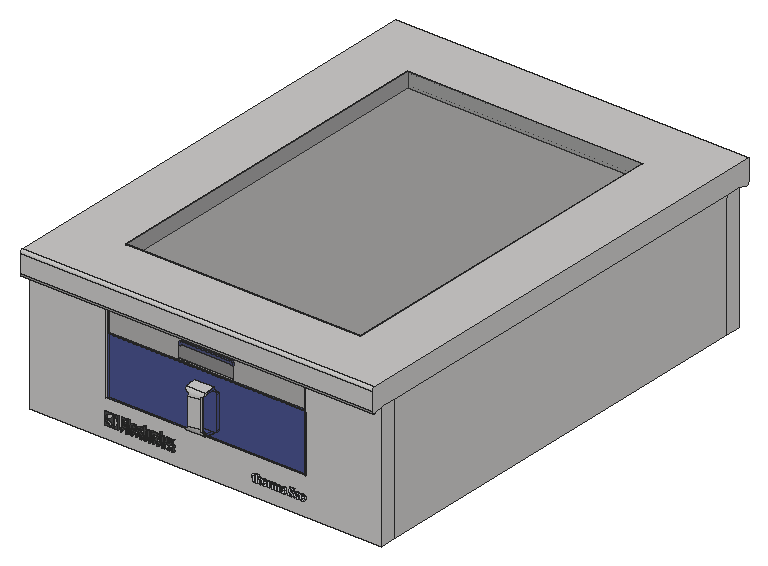
Revit family "QF_ELECTROLUXPROFESSIONAL_588336_MARAAAFOBO", category Attrezzature speciali, Revit 2020
Family settings
  Quota connettore circolare = Usa diametro
  Tipo di parte = Normale
  Basato su piano di lavoro = No
  Sempre verticale = Sì
  Taglio con vuoti quando caricato = No
  Condiviso = No
  Punto di calcolo locali = No
Parameters (values of type "Standard")
  Weight = 30.00 kg
  Watts = 550 W
  Volts = 230 V
  URL Manufacturer = "https://www.electroluxprofessional.com/"
  URL = "https://www.electroluxprofessional.com/"
  Steam Supply Size = 0"
  Steam Supply Minimum Pressure = 0.00 psi
  Steam Supply Maximum Pressure = 0.00 psi
  Steam Consumption per Hour = 0
  Refrigeration Suction Line Size = 0 mm
  Refrigeration Liquid Line Size = 0 mm
  Refrigerant Compressor Remote = yes
  Prospetto di default = 0 mm
  Phase = 1
  Modello = "MARAAAFOBO"
  Produttore = "Electrolux Professional"
  Length Actual = 600 mm  # constant formula
  Item Number = "588336"
  Hot Water Size = 0"
  Height Actual = 250 mm  # constant formula
  HP = "0.7 HP"
  Gas Size = 0"
  Gas KW = 0
  Gas Input Pressure = 0.0 Btu/h
  Direct Waste Size = 0"
  Descrizione = "EL.WARMING PLATE,1S,600X800X250H"
  Depth Actual = 800 mm  # constant formula
  Cycle = 50 Hz
  Condensate Return Size = 0"
  Compressed Air Volume = 0 GPM
  Compressed Air Size = 0"
  Compressed Air Pressure = 0.00 psi
  Cold Water Size = 0"
  Accessory = yes
Reference planes
  plane 1 "BACK": y = 0
  plane 2: z = 0
  plane 3 "LEFT": x = 0
  plane 4 "RIGHT": x = 600
  plane 5 "FRONT": y = -800
  plane 6 "TOP": z = 900
  plane 7 "Center (Left/Right)": x = 300
  plane 8: y = -400
  plane 9: y = -150
  plane 10: x = 100
  plane 11: x = 500
  plane 12: y = -100
  plane 13: y = -700
  plane 14 "EIx": x = 555
  plane 15 "EIy": y = -585
  plane 16 "BaseTop": z = 650
  plane 17: y = -755
Forms (mm)
  Extrusion 1, solid, material "QF_Finishes_Stainless Steel"
    sketch origin (-178.969, -4572, 100) x (-1, 0, 0) y (0, -1, 0)
      loop
        line (-178.969, -4527) -> (-178.969, -3817) -> (-778.969, -3817) -> (-778.969, -4527) -> (-178.969, -4527)
    from 550 to 762.969
  Extrusion 2, solid, material "QF_Finishes_Stainless Steel"
    sketch origin (0, 0, 650) x (-1, 0, 0) y (0, -1, 0)
      loop
        circle (-555, 585) r 6.35
    from 0 to -11.851
  Extrusion 3, solid, material "QF_Finishes_Stainless Steel"
    sketch origin (300, 296.4, 1219.2) x (0, 1, 0) y (0, 0, 1)
      loop
        line (-296.4, -319.2) -> (-1091.4, -319.2)
        arc (-1091.4, -319.2) -> (-1094.935, -320.664) -> (-1096.4, -324.2) r 5
        line (-1096.4, -324.2) -> (-1096.4, -355.2)
        arc (-1096.4, -355.2) -> (-1094.971, -358.264) -> (-1091.705, -359.139) r 4
        line (-1091.705, -359.139) -> (-1076.4, -356.231) -> (-316.4, -356.231) -> (-301.094, -359.139)
        arc (-301.094, -359.139) -> (-297.829, -358.264) -> (-296.4, -355.2) r 4
        line (-296.4, -355.2) -> (-296.4, -319.2)
    from -300 to 300
  Extrusion 4, solid, material "QF_Finishes_Electrolux_Black Smoke Iluminated"
    sketch origin (0, 0, 900) x (-1, 0, 0) y (0, -1, 0)
      loop
        line (-100, 100) -> (-100, 700) -> (-500, 700) -> (-500, 100) -> (-100, 100)
    from 1 to -20
  Extrusion 5, void
    sketch origin (0, 0, 900) x (-1, 0, 0) y (0, -1, 0)
      loop
        line (-100, 700) -> (-500, 700) -> (-500, 100) -> (-100, 100) -> (-100, 700)
    from 0 to -25
  Extrusion 6, solid, material "QF_Finishes_Stainless Steel"
    sketch origin (300, 296.4, 1219.2) x (0, 1, 0) y (0, 0, 1)
      loop
        line (-341.4, -356.231) -> (-341.4, -569.2) -> (-316.4, -569.2) -> (-316.4, -356.231) -> (-341.4, -356.231)
    from 300 to -300
Cuts and joins
  Extrusion 5 cuts Extrusion 3
Lines and regions (mm)
  symbolic lines
    curve 1: line (0, 0, 100) -> (600, 0, 100)
    curve 2: line (0, -800, 100) -> (0, 0, 100)
    curve 3: line (600, -800, 100) -> (0, -800, 100)
    curve 4: line (600, 0, 100) -> (600, -800, 100)
    curve 5: line (100, -700, 0) -> (500, -700, 0)
    curve 6: line (500, -700, 0) -> (500, -100, 0)
    curve 7: line (500, -100, 0) -> (100, -100, 0)
    curve 8: line (100, -100, 0) -> (100, -700, 0)
Dimensions and locks
  plane 3 "LEFT" to plane 4 "RIGHT" = 600 mm
  locked: plane 5 "FRONT" to plane 1 "BACK" at 800
  equal spacing: plane 3 "LEFT", plane 7 "Center (Left/Right)", plane 4 "RIGHT"
  equal spacing: plane 5 "FRONT", plane 8, plane 1 "BACK"
  plane 6 "TOP" to level = 900 mm  (x2)
  plane 1 "BACK" to plane 9 = 150 mm
  plane 1 "BACK" to Extrusion 2 = 585 mm
  locked: plane 14 "EIx" to plane 4 "RIGHT" at 45
  locked: plane 15 "EIy" to plane 1 "BACK" at 585
  locked: plane 12 to plane 1 "BACK" at 100
  locked: plane 5 "FRONT" to plane 13 at 100
  plane 3 "LEFT" to plane 10 = 100 mm
  plane 11 to plane 4 "RIGHT" = 100 mm
  locked: plane 6 "TOP" to plane 16 "BaseTop" at 250
  locked: plane 17 to plane 5 "FRONT" at 45
  aligned and locked: level to plane 2
  aligned and locked: cut or joined group of Extrusion 3, Extrusion 5 to plane 3 "LEFT"
  aligned and locked: cut or joined group of Extrusion 3, Extrusion 5 to plane 4 "RIGHT"
  aligned and locked: Extrusion 5 sketch curve to plane 10
  aligned and locked: plane 12 to Extrusion 5 sketch curve
  aligned and locked: plane 11 to Extrusion 5 sketch curve
  aligned and locked: Extrusion 5 sketch curve to plane 13
  aligned and locked: plane 12 to Extrusion 4 sketch curve
  aligned and locked: Extrusion 4 sketch curve to plane 10
  aligned and locked: Extrusion 4 sketch curve to plane 13
  aligned and locked: plane 11 to Extrusion 4 sketch curve
  aligned and locked: nested 1 to plane 17
  aligned and locked: Extrusion 1 to plane 17
  aligned and locked: plane 3 "LEFT" to nested 1
  aligned and locked: Extrusion 6 to plane 3 "LEFT"
  aligned and locked: Extrusion 6 to plane 4 "RIGHT"
Automatic sketch dimensions
  Extrusion 3 sketch curve to plane 5 "FRONT" = 0 mm
  Extrusion 3 sketch curve to plane 6 "TOP" = 0 mm
  Extrusion 3 sketch curve to plane 1 "BACK" = 0 mm
  Extrusion 3 sketch curve to plane 5 "FRONT" = 4 mm
  Extrusion 3 sketch curve to Extrusion 3 sketch curve = 0.695 mm
  Extrusion 3 sketch curve to plane 5 "FRONT" = 5 mm
  Extrusion 3 sketch curve to Extrusion 3 sketch curve = 15.305 mm
  plane 1 "BACK" to Extrusion 3 sketch curve = 20 mm
  plane 1 "BACK" to Extrusion 3 sketch curve = 4.695 mm
  Extrusion 3 sketch curve to Extrusion 3 sketch curve = 4 mm
  Extrusion 3 sketch curve to Extrusion 3 sketch curve = 31 mm
  Extrusion 3 sketch curve to plane 6 "TOP" = 36 mm
  Extrusion 3 sketch curve to Extrusion 3 sketch curve = 2.909 mm
  Extrusion 1 sketch curve to plane 4 "RIGHT" = 0 mm
  Extrusion 1 sketch curve to plane 3 "LEFT" = 0 mm
  plane 1 "BACK" to Extrusion 1 sketch curve = 45 mm
  plane 1 "BACK" to curve 1 = 0 mm
  curve 1 to plane 4 "RIGHT" = 0 mm
  curve 2 to plane 3 "LEFT" = 0 mm
  plane 5 "FRONT" to curve 3 = 0 mm
  curve 5 to plane 10 = 0 mm
  curve 5 to plane 11 = 0 mm
  plane 13 to curve 6 = 0 mm
  plane 12 to curve 6 = 0 mm
  Extrusion 2 sketch curve to plane 14 "EIx" = 0 mm
  Extrusion 2 sketch curve to plane 15 "EIy" = 0 mm
  Extrusion 1 sketch curve to plane 5 "FRONT" = 45 mm
  Extrusion 6 sketch curve to plane 16 "BaseTop" = 0 mm
  plane 1 "BACK" to Extrusion 6 sketch curve = 45 mm
  plane 1 "BACK" to Extrusion 6 sketch curve = 20 mm
  Extrusion 6 sketch curve to plane 6 "TOP" = 37.031 mm
  radius of Extrusion 2 sketch curve = 6.35 mm
Nested families
  nested 1: "Front_Panel_W600_1 Knob" at (102.376, -755, 0), type "Front_Panel_W600_1 Knob"
Connectors
  electrical at (555, -585, 638.149)
    settings: on Extrusion 2, index 1, voltage 400 V, apparent load 33000 VA, apparent load phase1 0 VA, apparent load phase2 0 VA, apparent load phase3 0 VA, power factor 1, load classification "Other", number of poles 1, system type 30, power factor state 1, is connector primary yes, connector utility no, sub classification motor no, connector description "ELECTRICAL CONNECTION"
Definition of nested family "Front_Panel_W600_1 Knob"
  Parameters
    Width = 600 mm
    Default Elevation = 0 mm
  Reference planes
    plane 1 "Center (Front/Back)": y = 0
    plane 2: z = 0
    plane 3 "Center (Left/Right)": x = 197.624
    plane 4 "Left": x = -102.376
    plane 5 "Right": x = 497.624
    plane 6: y = -45
    plane 7: y = -25
    plane 8: x = 367.624
    plane 9: x = 27.624
  Forms (mm)
    Extrusion 1, solid
      sketch origin (833.217, 829.203, -1.25) x (0, 1, 0) y (0, 0, 1)
        loop
          line (-854.203, 651.25) -> (-829.203, 651.25) -> (-829.203, 864.25) -> (-854.203, 864.25) -> (-854.203, 651.25)
      from -935.593 to -335.593
    Extrusion 2, void
      sketch origin (0, 0, 0) x (1, 0, 0) y (0, 0, 1)
        loop
          line (27.624, 853.866) -> (27.624, 711.866) -> (367.624, 711.866) -> (367.624, 853.866) -> (27.624, 853.866)
      from 19.387 to 33.951
  Cuts and joins
    Extrusion 2 cuts Extrusion 1
  Dimensions and locks
    equal spacing: plane 5 "Right", plane 3 "Center (Left/Right)", plane 4 "Left"
    "Width": plane 5 "Right" to plane 4 "Left"
    aligned and locked: cut or joined group of Extrusion 1, Extrusion 2 to plane 4 "Left"
    aligned and locked: plane 5 "Right" to cut or joined group of Extrusion 1, Extrusion 2
    aligned and locked: plane 3 "Center (Left/Right)" to nested 1
    aligned and locked: cut or joined group of Extrusion 1, Extrusion 2 to nested 1
    aligned and locked: plane 9 to Extrusion 2 sketch curve
    aligned and locked: Extrusion 2 sketch curve to plane 8
    aligned and locked: plane 9 to cut or joined group of Extrusion 1, Extrusion 2
    aligned and locked: plane 8 to cut or joined group of Extrusion 1, Extrusion 2
    aligned and locked: plane 9 to nested 1
    aligned and locked: plane 8 to nested 1
    aligned and locked: nested 4 to plane 9
  Automatic sketch dimensions
    Extrusion 1 sketch curve to plane 1 "Center (Front/Back)" = 0 mm
    level to Extrusion 1 sketch curve = 650 mm
    level to Extrusion 2 sketch curve = 711.866 mm
    Extrusion 2 sketch curve to Extrusion 2 sketch curve = 142 mm
    Extrusion 1 sketch curve to plane 6 = 20 mm
    Extrusion 1 sketch curve to Extrusion 1 sketch curve = 213 mm
  Nested families
    nested 1: "Front glass control panel W340_1 Knob" at (197.624, 280.644, 2.752), type "Front glass control panel W340_1 Knob"
    nested 2: "Range Control Handle" at (197.624, -28.137, -209.113) x (-1, 0, 0) z (0, 0, 1), type "Range Control Handle"
    nested 3: "ELX_ThermaLine_Small" at (319.031, -25, 679.426) x (1, 0, 0) z (0, -1, 0), type "ELX_ThermaLine_Small"
      with Show Logo yes, Material_Logo none
    nested 4: "ELX_Professional_Logo_Small" at (87.11, -25, 681.659) x (1, 0, 0) z (0, -1, 0), type "ELX_Professional_Logo_Small"
      with Show Logo yes, Material_Logo none
  Definition of nested family "Front glass control panel W340_1 Knob"
    Parameters
      Default Elevation = 0 mm
    Reference planes
      plane 1 "Center (Front/Back)": y = 0
      plane 2: z = 0
      plane 3 "Center (Left/Right)": x = 0
    Forms (mm)
      Extrusion 1, solid
        sketch origin (378.286, 0, 0.617) x (1, 0, 0) y (0, 0, 1)
          loop
            line (-548.286, 806.791) -> (-548.286, 708.497) -> (-208.286, 708.497) -> (-208.286, 806.791) -> (-548.286, 806.791)
        from 300.031 to 304.8
      Extrusion 2, solid
        sketch origin (378.286, 0, 0.617) x (1, 0, 0) y (0, 0, 1)
          loop
            line (-548.286, 850.497) -> (-548.286, 806.791) -> (-208.286, 806.791) -> (-208.286, 850.497) -> (-548.286, 850.497)
        from 300.031 to 304.8
      Extrusion 3, void
        sketch origin (378.286, 0, 0.617) x (1, 0, 0) y (0, 0, 1)
          loop
            line (-545.628, 847.565) -> (-545.628, 710.699) -> (-211.196, 710.699) -> (-211.196, 847.565) -> (-545.628, 847.565)
        from 303.697 to 304.8
      Extrusion 4, solid
        sketch origin (308.309, 1.101, -0.633) x (1, 0, 0) y (0, 0, 1)
          loop
            line (-261.431, 812.62) -> (-261.431, 834.177) -> (-266.24, 834.177) -> (-268.039, 835.977) -> (-348.469, 835.977) -> (-350.269, 834.177) -> (-355.186, 834.177) -> (-355.186, 812.62) -> (-261.431, 812.62)
        from 304.798 to 306.745
      Extrusion 5, solid
        sketch origin (308.309, 1.101, -0.633) x (1, 0, 0) y (0, 0, 1)
          loop
            line (-350.269, 834.177) -> (-348.469, 835.977) -> (-268.039, 835.977) -> (-266.24, 834.177) -> (-261.529, 834.177)
            arc (-261.529, 834.177) -> (-262.706, 838.752) -> (-266.98, 840.763) r 5.549
            line (-266.98, 840.763) -> (-349.686, 840.763)
            arc (-349.686, 840.763) -> (-353.942, 838.747) -> (-355.078, 834.177) r 5.5
            line (-355.078, 834.177) -> (-350.269, 834.177)
        from 304.798 to 306.745
    Cuts and joins
      Extrusion 3 cuts Extrusion 1
      Extrusion 3 cuts Extrusion 2
    Dimensions and locks
      equal spacing: cut or joined group of Extrusion 2, Extrusion 3, plane 3 "Center (Left/Right)", cut or joined group of Extrusion 2, Extrusion 3
      cut or joined group of Extrusion 2, Extrusion 3 to cut or joined group of Extrusion 2, Extrusion 3 = 340 mm
      aligned and locked: Extrusion 1 to Extrusion 2
      aligned and locked: Extrusion 5 to Extrusion 4
    Automatic sketch dimensions
      Extrusion 1 sketch curve to plane 3 "Center (Left/Right)" = 170 mm
      plane 3 "Center (Left/Right)" to Extrusion 1 sketch curve = 170 mm
      level to Extrusion 1 sketch curve = 709.114 mm
      Extrusion 1 sketch curve to Extrusion 1 sketch curve = 98.294 mm
      Extrusion 2 sketch curve to plane 3 "Center (Left/Right)" = 170 mm
      plane 3 "Center (Left/Right)" to Extrusion 2 sketch curve = 170 mm
      level to Extrusion 2 sketch curve = 807.408 mm
      Extrusion 2 sketch curve to Extrusion 2 sketch curve = 43.706 mm
      Extrusion 3 sketch curve to plane 3 "Center (Left/Right)" = 167.342 mm
      plane 3 "Center (Left/Right)" to Extrusion 3 sketch curve = 167.091 mm
      level to Extrusion 3 sketch curve = 711.316 mm
      Extrusion 3 sketch curve to Extrusion 3 sketch curve = 136.866 mm
      Extrusion 4 sketch curve to plane 3 "Center (Left/Right)" = 46.877 mm
      Extrusion 4 sketch curve to Extrusion 4 sketch curve = 4.917 mm
      Extrusion 4 sketch curve to Extrusion 4 sketch curve = 1.8 mm  (x3)
      plane 3 "Center (Left/Right)" to Extrusion 4 sketch curve = 40.269 mm
      Extrusion 4 sketch curve to Extrusion 4 sketch curve = 4.809 mm
      level to Extrusion 4 sketch curve = 811.987 mm
      Extrusion 4 sketch curve to Extrusion 4 sketch curve = 21.557 mm  (x2)
      Extrusion 5 sketch curve to plane 3 "Center (Left/Right)" = 46.769 mm
      Extrusion 5 sketch curve to Extrusion 5 sketch curve = 4.809 mm
      Extrusion 5 sketch curve to Extrusion 5 sketch curve = 0.583 mm
      Extrusion 5 sketch curve to Extrusion 5 sketch curve = 1.217 mm
      plane 3 "Center (Left/Right)" to Extrusion 5 sketch curve = 40.269 mm
      Extrusion 5 sketch curve to Extrusion 5 sketch curve = 1.059 mm
      Extrusion 5 sketch curve to Extrusion 5 sketch curve = 0.741 mm
      Extrusion 5 sketch curve to Extrusion 5 sketch curve = 4.711 mm
      level to Extrusion 5 sketch curve = 833.543 mm
      Extrusion 5 sketch curve to Extrusion 5 sketch curve = 0 mm
      Extrusion 5 sketch curve to Extrusion 5 sketch curve = 1.037 mm
      Extrusion 5 sketch curve to Extrusion 5 sketch curve = 0.714 mm
  Definition of nested family "Range Control Handle"
    Parameters
      Default Elevation = 0 mm
    Reference planes
      plane 1 "Center (Front/Back)": y = 0
      plane 2: z = 0
      plane 3 "Center (Left/Right)": x = 0
      plane 4: z = 971.092
      plane 5: y = -16.9
    Forms (mm)
      Extrusion 1, solid
        sketch origin (-746.28, 380.497, 208.931) x (-1, 0, 0) y (0, 0, 1)
          loop
            line (-770.101, 786.798) -> (-770.101, 731.649)
            arc (-770.101, 731.649) -> (-769.759, 730.563) -> (-768.855, 729.87) r 1.893
            line (-768.855, 729.87) -> (-763.474, 727.911) -> (-729.81, 727.911) -> (-724.428, 729.87)
            arc (-724.428, 729.87) -> (-723.525, 730.563) -> (-723.183, 731.649) r 1.893
            line (-723.183, 731.649) -> (-723.183, 786.798)
            arc (-723.183, 786.798) -> (-723.529, 787.894) -> (-724.44, 788.593) r 1.91
            line (-724.44, 788.593) -> (-729.683, 790.819) -> (-763.601, 790.819) -> (-768.844, 788.593)
            arc (-768.844, 788.593) -> (-769.755, 787.894) -> (-770.101, 786.798) r 1.91
        from -382.35 to -378.852
      Sweep 2, solid
        path origin (-746.788, 380.496, 208.091) x (0, -1, 0) y (0, 0, 1)
          loop
            line (379.775, 793.281) -> (395.661, 791.048)
            arc (395.661, 791.048) -> (397.781, 787.377) -> (398.517, 783.202) r 12.207
            line (398.517, 783.202) -> (398.517, 737.368)
            arc (398.517, 737.368) -> (397.781, 733.193) -> (395.661, 729.522) r 12.207
            line (395.661, 729.522) -> (379.775, 727.289)
        profile origin (-746.788, -7.222, 1000.256) x (0, -0.139173, 0.990268) y (-1, 0, 0)
          loop
            line (0.782, -763.123) -> (0.782, -730.907) -> (-1.322, -730.907) -> (-1.322, -763.123) -> (0.782, -763.123)
      Sweep 3, solid
        path origin (-746.788, 380.715, 207.832) x (0, -1, 0) y (0, 0, 1)
          loop
            line (380.478, 795.442) -> (397.218, 793.09)
            arc (397.218, 793.09) -> (399.929, 788.473) -> (400.871, 783.202) r 15.207
            line (400.871, 783.202) -> (400.871, 737.584)
            arc (400.871, 737.584) -> (399.914, 732.274) -> (397.164, 727.633) r 15.207
            line (397.164, 727.633) -> (380.601, 725.305)
        profile origin (-746.788, -8.132, 1002.099) x (0, -0.139173, 0.990268) y (-1, 0, 0)
          loop
            line (0.782, -763.123) -> (0.782, -730.907) -> (-1.322, -730.907) -> (-1.322, -763.123) -> (0.782, -763.123)
      Extrusion 4, void
        sketch origin (889.253, 220.666, 207.993) x (1, 0, 0) y (0, 0, 1)
          loop
            line (-943.038, 816.854) -> (-943.038, 703.686) -> (-899.466, 734.196) -> (-899.466, 786.344) -> (-943.038, 816.854)
        from 230.636 to 242.25
      Extrusion 5, void
        sketch origin (-888.8, 220.666, 207.993) x (-1, 0, 0) y (0, 0, -1)
          loop
            line (-943.038, -816.854) -> (-899.466, -786.344) -> (-899.466, -734.196) -> (-943.038, -703.686) -> (-943.038, -816.854)
        from 230.636 to 242.25
      Extrusion 6, solid
        sketch origin (0, 0, 0) x (1, 0, 0) y (0, 0, 1)
          loop
            circle (0, 971.092) r 7.736
        from -3.137 to -1.645
    Cuts and joins
      Extrusion 4, Extrusion 5 cuts Sweep 3
      Extrusion 4, Extrusion 5 cuts Sweep 2
      joined: Extrusion 1, Extrusion 6
    Lines and regions (mm)
      symbolic lines
        curve 1: line (16.334, -16.9, 0) -> (16.334, -19.227, 0)
        curve 2: spline (16.334, -19.227, 0) -> (15.87, -19.385, 0) -> (15.404, -19.536, 0) -> (14.936, -19.678, 0) -> (14.466, -19.813, 0) -> (13.995, -19.94, 0) -> (13.523, -20.059, 0) -> (13.049, -20.171, 0) -> (12.575, -20.274, 0) -> (12.099, -20.37, 0) -> (11.622, -20.458, 0) -> (11.144, -20.537, 0) -> (10.666, -20.609, 0)
        curve 3: line (10.666, -16.9, 0) -> (10.666, -20.938, 0)
        curve 4: line (-10.213, -20.938, 0) -> (10.666, -20.938, 0)
        curve 5: line (-10.213, -20.938, 0) -> (-10.213, -16.9, 0)
        curve 6: spline (-10.213, -20.609, 0) -> (-10.691, -20.537, 0) -> (-11.169, -20.458, 0) -> (-11.646, -20.37, 0) -> (-12.122, -20.274, 0) -> (-12.597, -20.171, 0) -> (-13.07, -20.059, 0) -> (-13.542, -19.94, 0) -> (-14.013, -19.813, 0) -> (-14.483, -19.678, 0) -> (-14.951, -19.536, 0) -> (-15.417, -19.385, 0) -> (-15.881, -19.227, 0)
        curve 7: line (-15.881, -19.227, 0) -> (-15.881, -16.9, 0)
  Definition of nested family "ELX_ThermaLine_Small"
    Parameters
      Show Logo [instance] = yes
      Material_Logo [instance] = none
      Default Elevation = 0 mm
    Reference planes
      plane 1 "Centro (Fronte/Retro)": y = 0
      plane 2: z = 0
      plane 3 "Centro (Sinistra/Destra)": x = 0
    Forms (mm)
      Extrusion 1, solid
        sketch origin (0, 0, 0) x (1, 0, 0) y (0, 1, 0)
          loop
            line (-1219.2, 1219.2) -> (-1219.2, -1219.2) -> (1219.2, -1219.2) -> (1219.2, 1219.2) -> (-1219.2, 1219.2)
        from 0 to -304.8
      Extrusion 2, solid
        sketch origin (0, 0, 0) x (1, 0, 0) y (0, 1, 0)
          loop
            line (-37.494, 1.229) -> (-35.908, 1.229) -> (-35.908, 3.066) -> (-37.494, 3.066) -> (-37.494, 6.221) -> (-39.867, 4.881) -> (-39.867, 3.066) -> (-40.969, 3.066) -> (-40.969, 1.229) -> (-39.867, 1.229) -> (-39.867, -3.407)
            arc (-39.867, -3.407) -> (-38.982, -5.513) -> (-36.751, -6.001) r 2.478
            line (-36.751, -6.001) -> (-35.638, -5.7) -> (-35.9, -3.835) -> (-36.661, -4.039)
            arc (-36.661, -4.039) -> (-37.236, -3.924) -> (-37.494, -3.399) r 0.662
            line (-37.494, -3.399) -> (-37.494, 1.229)
          loop
            line (-34.242, 6.539) -> (-34.242, -5.848) -> (-31.854, -5.848) -> (-31.854, -0.078)
            arc (-31.854, -0.078) -> (-30.939, 1.249) -> (-29.33, 1.367) r 1.866
            arc (-29.33, 1.367) -> (-28.695, 0.768) -> (-28.461, -0.073) r 1.627
            line (-28.461, -0.073) -> (-28.461, -5.848) -> (-26.086, -5.848) -> (-26.064, -0.46)
            arc (-26.064, -0.46) -> (-26.261, 0.932) -> (-26.786, 2.237) r 5.825
            arc (-26.786, 2.237) -> (-29.381, 3.264) -> (-31.854, 1.971) r 3.353
            line (-31.854, 1.971) -> (-31.854, 6.539) -> (-34.242, 6.539)
          loop
            arc (-18.398, -0.598) -> (-18.893, 0.879) -> (-20.326, 1.487) r 1.897
            arc (-20.326, 1.487) -> (-21.461, 0.708) -> (-21.897, -0.598) r 2.164
            line (-21.897, -0.598) -> (-18.398, -0.598)
          loop
            arc (-16.021, -2.044) -> (-16.754, 1.227) -> (-19.444, 3.226) r 4.814
            arc (-19.444, 3.226) -> (-22.137, 2.788) -> (-23.943, 0.743) r 4.054
            arc (-23.943, 0.743) -> (-24.382, -1.249) -> (-24.162, -3.276) r 6.289
            arc (-24.162, -3.276) -> (-23.302, -4.71) -> (-21.958, -5.705) r 4.28
            arc (-21.958, -5.705) -> (-18.558, -5.814) -> (-16.152, -3.409) r 4.28
            line (-16.152, -3.409) -> (-18.5, -2.995)
            arc (-18.5, -2.995) -> (-19.273, -3.994) -> (-20.533, -4.076) r 1.536
            arc (-20.533, -4.076) -> (-21.56, -3.281) -> (-21.958, -2.044) r 2.197
            line (-21.958, -2.044) -> (-16.021, -2.044)
          loop
            line (-14.165, -5.848) -> (-11.819, -5.848) -> (-11.819, -2.138)
            arc (-11.819, -2.138) -> (-11.787, -1.156) -> (-11.637, -0.185) r 8.18
            arc (-11.637, -0.185) -> (-10.644, 0.972) -> (-9.132, 0.776) r 1.603
            line (-9.132, 0.776) -> (-8.419, 2.846)
            arc (-8.419, 2.846) -> (-10.432, 3.118) -> (-11.994, 1.821) r 2.527
            line (-11.994, 1.821) -> (-11.994, 3.094) -> (-14.165, 3.094) -> (-14.165, -5.848)
          loop
            line (-7.579, 3.094) -> (-7.579, -5.848) -> (-5.178, -5.848) -> (-5.178, -0.756)
            arc (-5.178, -0.756) -> (-4.727, 0.679) -> (-3.417, 1.419) r 2.05
            arc (-3.417, 1.419) -> (-2.499, 0.908) -> (-2.155, -0.085) r 1.471
            line (-2.155, -0.085) -> (-2.155, -5.848) -> (0.23, -5.848) -> (0.23, -1.001)
            arc (0.23, -1.001) -> (0.47, 0.127) -> (1.148, 1.061) r 2.775
            arc (1.148, 1.061) -> (2.225, 1.329) -> (3.05, 0.587) r 1.182
            arc (3.05, 0.587) -> (3.199, -0.019) -> (3.214, -0.642) r 2.894
            line (3.214, -0.642) -> (3.214, -5.848) -> (5.601, -5.848) -> (5.601, 0.261)
            arc (5.601, 0.261) -> (4.87, 2.263) -> (2.976, 3.241) r 2.932
            arc (2.976, 3.241) -> (1.284, 2.973) -> (-0.047, 1.896) r 3.309
            arc (-0.047, 1.896) -> (-1.116, 2.865) -> (-2.506, 3.258) r 3.16
            arc (-2.506, 3.258) -> (-4.105, 2.942) -> (-5.376, 1.92) r 3.419
            line (-5.376, 1.92) -> (-5.376, 3.094) -> (-7.579, 3.094)
          loop
            line (7.583, 0.738) -> (9.702, 0.364)
            arc (9.702, 0.364) -> (11.441, 1.492) -> (12.855, -0.023) r 1.613
            line (12.855, -0.023) -> (9.782, -0.789)
            arc (9.782, -0.789) -> (8.559, -1.346) -> (7.617, -2.305) r 3.687
            arc (7.617, -2.305) -> (7.499, -3.681) -> (7.901, -5.003) r 3.651
            arc (7.901, -5.003) -> (9.107, -5.766) -> (10.515, -6.006) r 3.635
            arc (10.515, -6.006) -> (11.898, -5.697) -> (13.067, -4.895) r 3.734
            line (13.067, -4.895) -> (13.376, -5.848) -> (15.75, -5.848) -> (15.212, -4.193) -> (15.212, 0.38)
            arc (15.212, 0.38) -> (14.897, 1.849) -> (13.818, 2.895) r 2.585
            arc (13.818, 2.895) -> (11.792, 3.442) -> (9.719, 3.11) r 5.005
            arc (9.719, 3.11) -> (8.369, 2.178) -> (7.583, 0.738) r 3.54
          loop
            line (19.723, -5.848) -> (22.233, -5.848) -> (24.854, 6.484) -> (22.345, 6.484) -> (19.723, -5.848)
          loop
            line (24.583, -5.848) -> (26.953, -5.848) -> (28.848, 3.066) -> (26.478, 3.066) -> (24.583, -5.848)
          loop
            line (27.204, 6.484) -> (26.741, 4.305) -> (29.111, 4.305) -> (29.575, 6.484) -> (27.204, 6.484)
          loop
            line (29.355, -5.848) -> (31.849, -5.848) -> (33.098, 0.028)
            arc (33.098, 0.028) -> (34.169, 1.306) -> (35.832, 1.422) r 2.132
            arc (35.832, 1.422) -> (36.324, 0.752) -> (36.383, -0.078) r 1.5
            line (36.383, -0.078) -> (35.157, -5.848) -> (37.536, -5.848) -> (38.936, 0.738)
            arc (38.936, 0.738) -> (38.775, 2.091) -> (37.825, 3.066) r 2.118
            arc (37.825, 3.066) -> (35.392, 3.175) -> (33.295, 1.937) r 4.271
            line (33.295, 1.937) -> (33.535, 3.066) -> (31.25, 3.066) -> (29.355, -5.848)
          loop
            line (42.792, -0.64) -> (46.589, -0.64)
            arc (46.589, -0.64) -> (46.639, 0.124) -> (46.327, 0.823) r 1.589
            arc (46.327, 0.823) -> (45.117, 1.521) -> (43.762, 1.183) r 1.865
            arc (43.762, 1.183) -> (43.141, 0.344) -> (42.792, -0.64) r 3.538
          loop
            line (42.565, -2.138) -> (48.593, -2.138)
            arc (48.593, -2.138) -> (48.58, 0.597) -> (46.983, 2.818) r 4.494
            arc (46.983, 2.818) -> (44.191, 3.28) -> (41.725, 1.891) r 4.26
            arc (41.725, 1.891) -> (40.503, -0.3) -> (40.284, -2.799) r 6.003
            arc (40.284, -2.799) -> (40.959, -4.468) -> (42.377, -5.576) r 3.482
            arc (42.377, -5.576) -> (44.265, -5.961) -> (46.152, -5.576) r 4.823
            arc (46.152, -5.576) -> (47.432, -4.731) -> (48.328, -3.485) r 4.245
            line (48.328, -3.485) -> (46.168, -3.105)
            arc (46.168, -3.105) -> (45.214, -4.072) -> (43.859, -4.181) r 1.953
            arc (43.859, -4.181) -> (42.821, -3.408) -> (42.565, -2.138) r 1.81
          loop
            line (12.868, -1.553) -> (10.216, -2.214)
            arc (10.216, -2.214) -> (9.747, -3.136) -> (10.216, -4.058) r 1.14
            arc (10.216, -4.058) -> (11.537, -4.249) -> (12.614, -3.46) r 1.763
            arc (12.614, -3.46) -> (12.858, -2.522) -> (12.868, -1.553) r 3.97
        from 0 to 1.6
    Dimensions and locks
      aligned and locked: plane 2 to Extrusion 1
      aligned and locked: level to Extrusion 1
  Definition of nested family "ELX_Professional_Logo_Small"
    Parameters
      Show Logo [instance] = yes
      Material_Logo [instance] = none
      Default Elevation = 0 mm
    Reference planes
      plane 1 "Centro (Fronte/Retro)": y = 0
      plane 2: z = 0
      plane 3 "Centro (Sinistra/Destra)": x = 0
    Forms (mm)
      Extrusion 1, solid
        sketch origin (0, 0, 0) x (1, 0, 0) y (0, 1, 0)
          loop
            line (-1219.2, 1219.2) -> (-1219.2, -1219.2) -> (1219.2, -1219.2) -> (1219.2, 1219.2) -> (-1219.2, 1219.2)
        from 0 to -304.8
      Extrusion 2, solid, material <- "Material_Logo"
        sketch origin (15.5, 0, 0) x (1, 0, 0) y (0, 1, 0)
          loop
            spline (-42.99, -1.24) -> (-43.195, -1.231) -> (-43.415, -1.203) -> (-43.642, -1.152) -> (-43.87, -1.074) -> (-44.095, -0.966) -> (-44.309, -0.825) -> (-44.506, -0.647) -> (-44.681, -0.429) -> (-44.828, -0.167) -> (-44.94, 0.142) -> (-45.011, 0.501) -> (-45.037, 0.915)
            line (-45.037, 0.915) -> (-45.037, 2.748) -> (-38.984, 2.748) -> (-38.984, 5.086) -> (-45.038, 5.086) -> (-45.038, 8.489) -> (-38.599, 8.489) -> (-38.599, 10.82) -> (-47.515, 10.82) -> (-47.515, 1.021)
            spline (-47.515, 1.021) -> (-47.493, 0.418) -> (-47.425, -0.15) -> (-47.311, -0.682) -> (-47.15, -1.175) -> (-46.939, -1.628) -> (-46.678, -2.038) -> (-46.365, -2.404) -> (-46, -2.723) -> (-45.58, -2.995) -> (-45.105, -3.216) -> (-44.573, -3.385) -> (-43.983, -3.499)
            line (-43.983, -3.499) -> (-43.01, -3.569) -> (-38.426, -3.569) -> (-38.426, -1.24) -> (-42.99, -1.24)
          loop
            line (-36.666, 4.021) -> (-36.666, -3.573) -> (-34.188, -3.573) -> (-34.188, 10.824) -> (-36.666, 10.824) -> (-36.666, 4.021)
          loop
            spline (-21.915, 1.897) -> (-21.957, 2.615) -> (-22.082, 3.303) -> (-22.285, 3.955) -> (-22.563, 4.564) -> (-22.913, 5.124) -> (-23.331, 5.629) -> (-23.814, 6.074) -> (-24.359, 6.451) -> (-24.961, 6.755) -> (-25.618, 6.98) -> (-26.326, 7.119) -> (-27.081, 7.167)
            spline (-27.081, 7.167) -> (-27.853, 7.122) -> (-28.586, 6.99) -> (-29.275, 6.774) -> (-29.915, 6.478) -> (-30.5, 6.104) -> (-31.024, 5.657) -> (-31.483, 5.138) -> (-31.871, 4.553) -> (-32.182, 3.904) -> (-32.411, 3.194) -> (-32.552, 2.427) -> (-32.6, 1.606)
            spline (-32.6, 1.606) -> (-32.553, 0.805) -> (-32.416, 0.057) -> (-32.193, -0.637) -> (-31.887, -1.271) -> (-31.504, -1.843) -> (-31.048, -2.35) -> (-30.523, -2.788) -> (-29.934, -3.154) -> (-29.284, -3.444) -> (-28.579, -3.656) -> (-27.822, -3.785) -> (-27.019, -3.829)
            spline (-27.019, -3.829) -> (-26.627, -3.82) -> (-26.239, -3.79) -> (-25.856, -3.739) -> (-25.477, -3.663) -> (-25.103, -3.562) -> (-24.734, -3.432) -> (-24.369, -3.273) -> (-24.01, -3.082) -> (-23.655, -2.858) -> (-23.305, -2.597) -> (-22.96, -2.299) -> (-22.621, -1.962)
            line (-22.621, -1.962) -> (-24.114, -0.509)
            spline (-24.114, -0.509) -> (-24.311, -0.699) -> (-24.509, -0.872) -> (-24.71, -1.03) -> (-24.915, -1.172) -> (-25.126, -1.297) -> (-25.346, -1.407) -> (-25.576, -1.5) -> (-25.817, -1.576) -> (-26.072, -1.636) -> (-26.342, -1.678) -> (-26.629, -1.704) -> (-26.936, -1.713)
            spline (-26.936, -1.713) -> (-27.384, -1.691) -> (-27.805, -1.625) -> (-28.196, -1.518) -> (-28.556, -1.372) -> (-28.882, -1.187) -> (-29.174, -0.966) -> (-29.429, -0.71) -> (-29.645, -0.422) -> (-29.821, -0.102) -> (-29.955, 0.247) -> (-30.045, 0.623) -> (-30.089, 1.026)
            line (-30.089, 1.026) -> (-21.956, 1.026) -> (-21.915, 1.897)
          loop
            spline (-24.446, 2.769) -> (-24.47, 3.075) -> (-24.54, 3.37) -> (-24.654, 3.65) -> (-24.807, 3.913) -> (-24.996, 4.156) -> (-25.219, 4.376) -> (-25.472, 4.57) -> (-25.753, 4.736) -> (-26.057, 4.869) -> (-26.382, 4.968) -> (-26.724, 5.03) -> (-27.081, 5.051)
            spline (-27.081, 5.051) -> (-27.464, 5.03) -> (-27.832, 4.97) -> (-28.183, 4.872) -> (-28.513, 4.74) -> (-28.819, 4.577) -> (-29.099, 4.384) -> (-29.347, 4.165) -> (-29.563, 3.923) -> (-29.742, 3.659) -> (-29.881, 3.377) -> (-29.977, 3.079) -> (-30.027, 2.769)
            line (-30.027, 2.769) -> (-24.446, 2.769)
          loop
            spline (-18.167, 1.669) -> (-18.138, 2.13) -> (-18.055, 2.567) -> (-17.921, 2.978) -> (-17.739, 3.358) -> (-17.512, 3.705) -> (-17.243, 4.016) -> (-16.937, 4.287) -> (-16.596, 4.517) -> (-16.223, 4.7) -> (-15.823, 4.835) -> (-15.398, 4.919) -> (-14.951, 4.947)
            spline (-14.951, 4.947) -> (-14.677, 4.938) -> (-14.414, 4.913) -> (-14.162, 4.871) -> (-13.921, 4.812) -> (-13.69, 4.738) -> (-13.467, 4.649) -> (-13.254, 4.544) -> (-13.048, 4.424) -> (-12.85, 4.291) -> (-12.659, 4.143) -> (-12.474, 3.981) -> (-12.295, 3.806)
            line (-12.295, 3.806) -> (-10.76, 5.403)
            spline (-10.76, 5.403) -> (-11.065, 5.709) -> (-11.38, 5.984) -> (-11.703, 6.228) -> (-12.035, 6.443) -> (-12.375, 6.63) -> (-12.723, 6.788) -> (-13.078, 6.92) -> (-13.44, 7.026) -> (-13.809, 7.107) -> (-14.184, 7.164) -> (-14.564, 7.198) -> (-14.951, 7.209)
            spline (-14.951, 7.209) -> (-15.725, 7.161) -> (-16.467, 7.02) -> (-17.169, 6.792) -> (-17.826, 6.482) -> (-18.43, 6.096) -> (-18.976, 5.637) -> (-19.455, 5.112) -> (-19.862, 4.525) -> (-20.19, 3.882) -> (-20.433, 3.189) -> (-20.584, 2.449) -> (-20.635, 1.669)
            spline (-20.635, 1.669) -> (-20.584, 0.889) -> (-20.433, 0.149) -> (-20.19, -0.545) -> (-19.862, -1.187) -> (-19.455, -1.774) -> (-18.976, -2.299) -> (-18.43, -2.758) -> (-17.826, -3.145) -> (-17.169, -3.454) -> (-16.467, -3.682) -> (-15.725, -3.823) -> (-14.951, -3.871)
            spline (-14.951, -3.871) -> (-14.564, -3.86) -> (-14.184, -3.826) -> (-13.809, -3.77) -> (-13.44, -3.689) -> (-13.078, -3.583) -> (-12.723, -3.451) -> (-12.375, -3.292) -> (-12.035, -3.105) -> (-11.703, -2.89) -> (-11.38, -2.646) -> (-11.065, -2.371) -> (-10.76, -2.066)
            line (-10.76, -2.066) -> (-12.295, -0.468)
            spline (-12.295, -0.468) -> (-12.474, -0.643) -> (-12.659, -0.805) -> (-12.85, -0.953) -> (-13.048, -1.087) -> (-13.254, -1.206) -> (-13.467, -1.311) -> (-13.69, -1.4) -> (-13.921, -1.475) -> (-14.162, -1.533) -> (-14.414, -1.575) -> (-14.677, -1.6) -> (-14.951, -1.609)
            spline (-14.951, -1.609) -> (-15.398, -1.581) -> (-15.823, -1.497) -> (-16.223, -1.362) -> (-16.596, -1.179) -> (-16.937, -0.95) -> (-17.243, -0.678) -> (-17.512, -0.367) -> (-17.739, -0.02) -> (-17.921, 0.36) -> (-18.055, 0.771) -> (-18.138, 1.208) -> (-18.167, 1.669)
          loop
            spline (-4.441, -1.243) -> (-4.659, -1.247) -> (-4.894, -1.23) -> (-5.137, -1.19) -> (-5.384, -1.121) -> (-5.628, -1.021) -> (-5.864, -0.884) -> (-6.084, -0.708) -> (-6.283, -0.488) -> (-6.454, -0.219) -> (-6.592, 0.101) -> (-6.69, 0.478) -> (-6.742, 0.914)
            line (-6.742, 0.914) -> (-6.742, 4.587) -> (-4.487, 4.587) -> (-4.487, 6.838) -> (-6.738, 6.838) -> (-6.738, 10.824) -> (-9.217, 10.824) -> (-9.217, 0.773)
            spline (-9.217, 0.773) -> (-9.164, 0.19) -> (-9.068, -0.358) -> (-8.928, -0.87) -> (-8.742, -1.343) -> (-8.511, -1.777) -> (-8.232, -2.168) -> (-7.904, -2.515) -> (-7.527, -2.816) -> (-7.098, -3.069) -> (-6.618, -3.273) -> (-6.084, -3.426) -> (-5.496, -3.525)
            line (-5.496, -3.525) -> (-4.45, -3.573) -> (-4.441, -1.243)
          loop
            spline (3.898, 6.983) -> (3.469, 7.009) -> (3.056, 7.001) -> (2.661, 6.961) -> (2.283, 6.888) -> (1.925, 6.785) -> (1.588, 6.652) -> (1.272, 6.49) -> (0.979, 6.301) -> (0.71, 6.085) -> (0.465, 5.844) -> (0.247, 5.578) -> (0.056, 5.289)
            line (0.056, 5.289) -> (0.056, 6.838) -> (-2.402, 6.838) -> (-2.402, -3.572) -> (0.056, -3.572) -> (0.056, 1.901)
            spline (0.056, 1.901) -> (0.079, 2.316) -> (0.145, 2.703) -> (0.254, 3.06) -> (0.404, 3.386) -> (0.592, 3.679) -> (0.818, 3.938) -> (1.08, 4.162) -> (1.375, 4.348) -> (1.703, 4.495) -> (2.062, 4.602) -> (2.45, 4.668) -> (2.865, 4.69)
            line (2.865, 4.69) -> (3.898, 4.586) -> (3.898, 6.983)
          loop
            spline (15.638, 1.633) -> (15.586, 2.396) -> (15.435, 3.124) -> (15.192, 3.81) -> (14.863, 4.449) -> (14.455, 5.034) -> (13.975, 5.56) -> (13.43, 6.021) -> (12.826, 6.411) -> (12.17, 6.724) -> (11.469, 6.955) -> (10.729, 7.098) -> (9.958, 7.147)
            spline (9.958, 7.147) -> (9.182, 7.098) -> (8.44, 6.955) -> (7.737, 6.724) -> (7.081, 6.411) -> (6.477, 6.021) -> (5.933, 5.56) -> (5.454, 5.034) -> (5.048, 4.449) -> (4.721, 3.81) -> (4.479, 3.124) -> (4.329, 2.396) -> (4.277, 1.633)
            spline (4.277, 1.633) -> (4.329, 0.869) -> (4.479, 0.141) -> (4.721, -0.544) -> (5.048, -1.183) -> (5.454, -1.768) -> (5.933, -2.294) -> (6.477, -2.755) -> (7.081, -3.145) -> (7.737, -3.459) -> (8.44, -3.69) -> (9.182, -3.833) -> (9.958, -3.882)
            spline (9.958, -3.882) -> (10.729, -3.833) -> (11.469, -3.69) -> (12.17, -3.459) -> (12.826, -3.145) -> (13.43, -2.755) -> (13.975, -2.294) -> (14.455, -1.768) -> (14.863, -1.183) -> (15.192, -0.544) -> (15.435, 0.141) -> (15.586, 0.869) -> (15.638, 1.633)
          loop
            spline (13.18, 1.633) -> (13.151, 2.083) -> (13.067, 2.513) -> (12.932, 2.918) -> (12.748, 3.296) -> (12.52, 3.642) -> (12.251, 3.954) -> (11.943, 4.227) -> (11.601, 4.459) -> (11.228, 4.645) -> (10.828, 4.782) -> (10.403, 4.867) -> (9.958, 4.896)
            spline (9.958, 4.896) -> (9.509, 4.867) -> (9.081, 4.782) -> (8.679, 4.645) -> (8.306, 4.459) -> (7.964, 4.227) -> (7.658, 3.954) -> (7.39, 3.642) -> (7.163, 3.296) -> (6.981, 2.918) -> (6.847, 2.513) -> (6.765, 2.083) -> (6.736, 1.633)
            spline (6.736, 1.633) -> (6.765, 1.182) -> (6.847, 0.753) -> (6.981, 0.347) -> (7.163, -0.031) -> (7.39, -0.377) -> (7.658, -0.689) -> (7.964, -0.962) -> (8.306, -1.193) -> (8.679, -1.38) -> (9.081, -1.517) -> (9.509, -1.602) -> (9.958, -1.631)
            spline (9.958, -1.631) -> (10.403, -1.602) -> (10.828, -1.517) -> (11.228, -1.38) -> (11.601, -1.193) -> (11.943, -0.962) -> (12.251, -0.689) -> (12.52, -0.377) -> (12.748, -0.031) -> (12.932, 0.347) -> (13.067, 0.753) -> (13.151, 1.182) -> (13.18, 1.633)
          loop
            line (17.162, 4.269) -> (17.162, -3.573) -> (19.642, -3.573) -> (19.642, 10.824) -> (17.162, 10.824) -> (17.162, 4.269)
          loop
            line (28.581, 6.838) -> (28.581, 0.786)
            spline (28.581, 0.786) -> (28.561, 0.393) -> (28.503, 0.038) -> (28.409, -0.279) -> (28.281, -0.559) -> (28.122, -0.802) -> (27.933, -1.011) -> (27.717, -1.185) -> (27.476, -1.325) -> (27.213, -1.433) -> (26.929, -1.509) -> (26.626, -1.554) -> (26.308, -1.569)
            spline (26.308, -1.569) -> (25.99, -1.554) -> (25.688, -1.509) -> (25.404, -1.434) -> (25.141, -1.326) -> (24.9, -1.187) -> (24.684, -1.014) -> (24.496, -0.807) -> (24.336, -0.565) -> (24.209, -0.288) -> (24.115, 0.026) -> (24.057, 0.376) -> (24.037, 0.765)
            line (24.037, 0.765) -> (24.037, 6.838) -> (21.537, 6.838) -> (21.537, 0.558)
            spline (21.537, 0.558) -> (21.581, -0.153) -> (21.71, -0.8) -> (21.916, -1.384) -> (22.195, -1.904) -> (22.54, -2.362) -> (22.944, -2.757) -> (23.403, -3.09) -> (23.909, -3.362) -> (24.456, -3.572) -> (25.04, -3.722) -> (25.652, -3.811) -> (26.288, -3.841)
            spline (26.288, -3.841) -> (26.929, -3.811) -> (27.547, -3.72) -> (28.135, -3.568) -> (28.687, -3.355) -> (29.197, -3.079) -> (29.66, -2.741) -> (30.068, -2.341) -> (30.415, -1.877) -> (30.696, -1.349) -> (30.905, -0.757) -> (31.034, -0.101) -> (31.079, 0.621)
            line (31.079, 0.621) -> (31.079, 6.838) -> (28.581, 6.838)
          loop
            line (40.457, -0.243) -> (38.894, 1.942) -> (40.83, 4.579) -> (42.488, 6.837) -> (39.782, 6.837) -> (37.53, 3.719) -> (35.258, 6.837) -> (32.573, 6.837) -> (34.113, 4.731) -> (36.167, 1.922) -> (34.014, -1.076) -> (32.222, -3.573) -> (34.887, -3.573) -> (37.53, 0.104) -> (40.174, -3.573) -> (42.839, -3.573) -> (40.457, -0.243)
          loop
            line (-46.121, -5.837) -> (-48.039, -5.837) -> (-48.039, -10.814) -> (-47.016, -10.814) -> (-47.016, -9.128) -> (-46.121, -9.128)
            arc (-46.121, -9.128) -> (-44.476, -7.482) -> (-46.121, -5.837) r 1.645
          loop
            line (-46.163, -6.778) -> (-47.016, -6.778) -> (-47.016, -8.187) -> (-46.163, -8.187)
            arc (-46.163, -8.187) -> (-45.458, -7.482) -> (-46.163, -6.778) r 0.704
          loop
            line (-38.313, -5.837) -> (-40.265, -5.837) -> (-40.265, -10.814) -> (-39.241, -10.814) -> (-39.241, -9.1) -> (-38.46, -9.182) -> (-37.48, -10.814) -> (-36.318, -10.814) -> (-37.513, -8.848)
            arc (-37.513, -8.848) -> (-36.888, -8.266) -> (-36.671, -7.441) r 1.536
            arc (-36.671, -7.441) -> (-37.165, -6.305) -> (-38.313, -5.837) r 1.643
          loop
            arc (-38.402, -8.166) -> (-37.707, -7.505) -> (-38.334, -6.778) r 0.696
            line (-38.334, -6.778) -> (-39.241, -6.778) -> (-39.241, -8.166) -> (-38.402, -8.166)
          loop
            circle (-29.965, -8.325) r 2.585
          loop
            circle (-29.965, -8.325) r 1.64
          loop
            line (-23.1, -5.837) -> (-23.1, -10.814) -> (-22.076, -10.814) -> (-22.076, -8.768) -> (-20.204, -8.768) -> (-20.204, -7.828) -> (-22.076, -7.828) -> (-22.076, -6.778) -> (-20.024, -6.778) -> (-20.024, -5.837) -> (-23.1, -5.837)
          loop
            line (-15.802, -5.837) -> (-15.802, -9.2)
            arc (-15.802, -9.2) -> (-15.343, -10.34) -> (-14.209, -10.814) r 1.593
            line (-14.209, -10.814) -> (-12.602, -10.814) -> (-12.602, -10.027) -> (-14.004, -10.027)
            arc (-14.004, -10.027) -> (-14.552, -9.8) -> (-14.779, -9.252) r 0.775
            line (-14.779, -9.252) -> (-14.779, -8.424) -> (-12.789, -8.424) -> (-12.789, -7.642) -> (-14.779, -7.642) -> (-14.779, -6.778) -> (-12.651, -6.778) -> (-12.651, -5.837) -> (-15.802, -5.837)
          loop
            line (-5.909, -7.143) -> (-5.173, -6.638)
            arc (-5.173, -6.638) -> (-5.855, -5.974) -> (-6.781, -5.755) r 1.782
            arc (-6.781, -5.755) -> (-7.397, -5.878) -> (-7.944, -6.189) r 1.974
            arc (-7.944, -6.189) -> (-8.202, -6.5) -> (-8.317, -6.888) r 1.013
            arc (-8.317, -6.888) -> (-8.306, -7.341) -> (-8.192, -7.78) r 1.985
            arc (-8.192, -7.78) -> (-7.749, -8.259) -> (-7.171, -8.563) r 1.928
            arc (-7.171, -8.563) -> (-6.637, -8.779) -> (-6.131, -9.056) r 5.041
            arc (-6.131, -9.056) -> (-5.934, -9.387) -> (-6.09, -9.74) r 0.42
            arc (-6.09, -9.74) -> (-6.631, -9.96) -> (-7.204, -9.845) r 1.016
            arc (-7.204, -9.845) -> (-7.625, -9.603) -> (-7.889, -9.196) r 1.033
            line (-7.889, -9.196) -> (-8.67, -9.686)
            arc (-8.67, -9.686) -> (-8.361, -10.198) -> (-7.908, -10.589) r 1.914
            arc (-7.908, -10.589) -> (-7.334, -10.834) -> (-6.714, -10.896) r 2.063
            arc (-6.714, -10.896) -> (-5.947, -10.743) -> (-5.256, -10.376) r 2.696
            arc (-5.256, -10.376) -> (-4.95, -9.565) -> (-5.108, -8.712) r 1.618
            arc (-5.108, -8.712) -> (-5.448, -8.319) -> (-5.884, -8.035) r 1.876
            arc (-5.884, -8.035) -> (-6.434, -7.789) -> (-6.999, -7.577) r 9.883
            arc (-6.999, -7.577) -> (-7.325, -7.07) -> (-6.854, -6.694) r 0.45
            arc (-6.854, -6.694) -> (-6.329, -6.809) -> (-5.909, -7.143) r 1.197
          loop
            line (1.61, -7.143) -> (2.345, -6.638)
            arc (2.345, -6.638) -> (1.663, -5.974) -> (0.737, -5.755) r 1.782
            arc (0.737, -5.755) -> (0.121, -5.878) -> (-0.425, -6.189) r 1.974
            arc (-0.425, -6.189) -> (-0.683, -6.5) -> (-0.799, -6.888) r 1.013
            arc (-0.799, -6.888) -> (-0.788, -7.341) -> (-0.674, -7.78) r 1.985
            arc (-0.674, -7.78) -> (-0.231, -8.259) -> (0.347, -8.563) r 1.928
            arc (0.347, -8.563) -> (0.881, -8.779) -> (1.387, -9.056) r 5.041
            arc (1.387, -9.056) -> (1.584, -9.387) -> (1.428, -9.74) r 0.42
            arc (1.428, -9.74) -> (0.887, -9.96) -> (0.314, -9.845) r 1.016
            arc (0.314, -9.845) -> (-0.107, -9.603) -> (-0.371, -9.196) r 1.033
            line (-0.371, -9.196) -> (-1.152, -9.686)
            arc (-1.152, -9.686) -> (-0.842, -10.198) -> (-0.39, -10.589) r 1.914
            arc (-0.39, -10.589) -> (0.184, -10.834) -> (0.804, -10.896) r 2.063
            arc (0.804, -10.896) -> (1.572, -10.743) -> (2.263, -10.376) r 2.696
            arc (2.263, -10.376) -> (2.568, -9.565) -> (2.411, -8.712) r 1.618
            arc (2.411, -8.712) -> (2.07, -8.319) -> (1.635, -8.035) r 1.876
            arc (1.635, -8.035) -> (1.084, -7.789) -> (0.519, -7.577) r 9.883
            arc (0.519, -7.577) -> (0.193, -7.07) -> (0.665, -6.694) r 0.45
            arc (0.665, -6.694) -> (1.189, -6.809) -> (1.61, -7.143) r 1.197
          loop
            line (6.801, -5.837) -> (6.801, -10.814) -> (7.825, -10.814) -> (7.825, -5.837) -> (6.801, -5.837)
          loop
            circle (14.724, -8.325) r 1.548
          loop
            circle (14.724, -8.325) r 2.585
          loop
            line (21.59, -10.814) -> (22.623, -10.814) -> (22.623, -7.685) -> (24.9, -10.814) -> (25.895, -10.814) -> (25.895, -5.837) -> (24.861, -5.837) -> (24.861, -9.061) -> (22.585, -5.837) -> (21.59, -5.837) -> (21.59, -10.814)
          loop
            line (31.054, -10.814) -> (31.539, -9.74) -> (33.38, -9.74) -> (33.865, -10.814) -> (34.965, -10.814) -> (32.46, -5.837) -> (29.956, -10.814) -> (31.054, -10.814)
          loop
            line (32.46, -7.698) -> (31.999, -8.719) -> (32.921, -8.719) -> (32.46, -7.698)
          loop
            line (40.047, -9.873) -> (40.047, -5.837) -> (39.024, -5.837) -> (39.024, -10.814) -> (41.961, -10.814) -> (41.961, -9.873) -> (40.047, -9.873)
          loop
            line (-74.986, -10.814) -> (-53.322, -10.814) -> (-53.322, 10.82) -> (-74.986, 10.82) -> (-74.986, -10.814)
          loop
            line (-61.261, 9.758) -> (-61.261, -9.707)
            arc (-61.261, -9.707) -> (-54.066, 0.025) -> (-61.261, 9.758) r 10.18
          loop
            line (-62.251, 8.349) -> (-62.251, 9.758)
            arc (-62.251, 9.758) -> (-70.347, 7.918) -> (-74.247, 0.59) r 9.976
            line (-74.247, 0.59) -> (-71.026, 0.59)
            arc (-71.026, 0.59) -> (-65.274, 2.925) -> (-62.251, 8.349) r 9.351
          loop
            arc (-74.247, -0.539) -> (-70.353, -7.928) -> (-62.251, -9.957) r 10.237
            line (-62.251, -9.957) -> (-62.251, -8.298)
            arc (-62.251, -8.298) -> (-65.274, -2.874) -> (-71.026, -0.539) r 9.351
            line (-71.026, -0.539) -> (-74.247, -0.539)
        from 0 to 1.644
    Dimensions and locks
      aligned and locked: plane 2 to Extrusion 1
      aligned and locked: level to Extrusion 1
